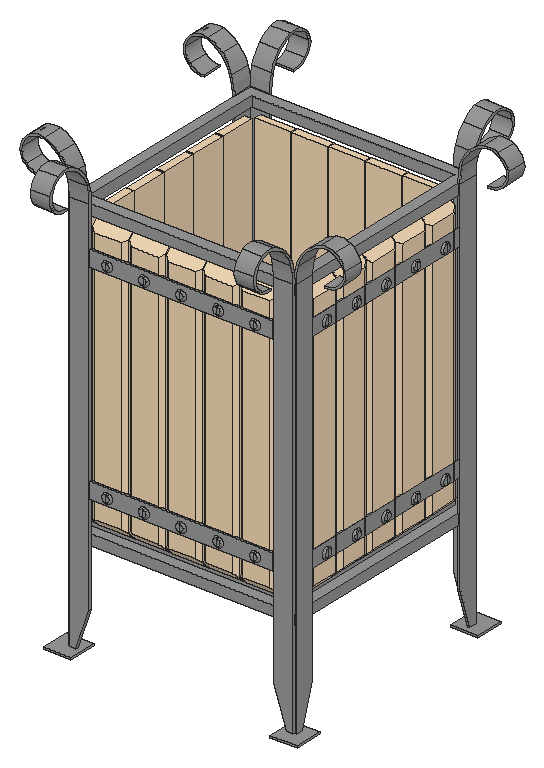
Revit family "Вазон садово-парковый «Сириус»", category Антураж, Revit 2017
Family settings
  На основе рабочей плоскости = Нет
  Всегда вертикально = Да
  При загрузке вырезать с полостями = Нет
  Источник визуального образа = Геометрия семейства
  Общий = Нет
  Точка расчета площади = Нет
Parameters (values of type "Вазон садово-парковый «Сириус»")
  Стоимость = 7776
  Изготовитель = "ООО \"Хоббика\""
  Высота = 0 mm
  АDSK_Материал вазона = Сталь, окрашенная, черная
  URL = "https://hobbyka.ru/product/vazon_sadovo-parkovyi_sirius/?sphrase_id=80628"
  ADSK_Размер_Ширина = 500 mm
  ADSK_Размер_Длина = ADSK_Размер_Ширина  # 500 mm
  ADSK_Размер_Высота = 690 mm
  ADSK_Наименование = "Вазон садово-парковый «Сириус»"
  ADSK_Материал фурнитуры = Сталь, окрашенная, черная(1)
  ADSK_Материал ламелей = Лиственница
  ADSK_Код изделия = "6760"
Reference planes
  plane 1 "По центру (Вперед/Назад)": y = 0
  plane 2: z = 0
  plane 3 "По центру (Влево/Вправо)": x = 0
Forms (mm)
  Extrusion 1, solid, material "Сталь, окрашенная, черная" <- "АDSK_Материал вазона"
    sketch origin (0, 0, 0) x (1, 0, 0) y (0, 0, 1)
      loop
        line (-174.999, 3) -> (-171.999, 3) -> (-171.999, 623)
        arc (-171.999, 623) -> (-172.844, 636.754) -> (-175.364, 650.301) r 112.463
        arc (-175.364, 650.301) -> (-181.412, 663.705) -> (-190.39, 675.353) r 63.326
        arc (-190.39, 675.353) -> (-200.536, 683.518) -> (-212.334, 689.036) r 54.349
        arc (-212.334, 689.036) -> (-223.458, 689.774) -> (-234.085, 686.404) r 30.04
        arc (-234.085, 686.404) -> (-244.281, 677.652) -> (-249.884, 665.439) r 31.395
        arc (-249.884, 665.439) -> (-249.348, 652.428) -> (-242.516, 641.341) r 25.756
        arc (-242.516, 641.341) -> (-231.234, 634.429) -> (-218.102, 632.804) r 31.258
        line (-218.102, 632.804) -> (-218.102, 635.817)
        arc (-218.102, 635.817) -> (-230.115, 637.216) -> (-240.443, 643.51) r 28.258
        arc (-240.443, 643.51) -> (-246.479, 653.305) -> (-246.952, 664.801) r 22.756
        arc (-246.952, 664.801) -> (-241.885, 675.847) -> (-232.664, 683.762) r 28.395
        arc (-232.664, 683.762) -> (-223.145, 686.79) -> (-213.177, 686.155) r 27.04
        arc (-213.177, 686.155) -> (-202.082, 680.947) -> (-192.537, 673.258) r 51.349
        arc (-192.537, 673.258) -> (-184.009, 662.202) -> (-178.251, 649.482) r 60.326
        arc (-178.251, 649.482) -> (-175.815, 636.34) -> (-174.999, 623) r 109.463
        line (-174.999, 623) -> (-174.999, 3)
    from 142 to 172.001
  Extrusion 2, void
    sketch origin (0, 0, 0) x (0, 1, 0) y (0, 0, 1)
      loop
        line (-142, 62.769) -> (-162, 3) -> (-132, 3) -> (-132, 62.769) -> (-142, 62.769)
    from -194.909 to -106.414
  Extrusion 3, solid, material "Сталь, окрашенная, черная" <- "АDSK_Материал вазона"
    sketch origin (0, 0, 0) x (1, 0, 0) y (0, 0, -1)
      loop
        line (-174.999, -3) -> (-174.999, -623)
        arc (-174.999, -623) -> (-175.815, -636.34) -> (-178.251, -649.482) r 109.463
        arc (-178.251, -649.482) -> (-184.009, -662.202) -> (-192.537, -673.258) r 60.326
        arc (-192.537, -673.258) -> (-202.082, -680.947) -> (-213.177, -686.155) r 51.349
        arc (-213.177, -686.155) -> (-223.145, -686.79) -> (-232.664, -683.762) r 27.04
        arc (-232.664, -683.762) -> (-241.885, -675.847) -> (-246.952, -664.801) r 28.395
        arc (-246.952, -664.801) -> (-246.479, -653.305) -> (-240.443, -643.51) r 22.756
        arc (-240.443, -643.51) -> (-230.115, -637.216) -> (-218.102, -635.817) r 28.258
        line (-218.102, -635.817) -> (-218.102, -632.804)
        arc (-218.102, -632.804) -> (-231.234, -634.429) -> (-242.516, -641.341) r 31.258
        arc (-242.516, -641.341) -> (-249.348, -652.428) -> (-249.884, -665.439) r 25.756
        arc (-249.884, -665.439) -> (-244.281, -677.652) -> (-234.085, -686.404) r 31.395
        arc (-234.085, -686.404) -> (-223.458, -689.774) -> (-212.334, -689.036) r 30.04
        arc (-212.334, -689.036) -> (-200.536, -683.518) -> (-190.39, -675.353) r 54.349
        arc (-190.39, -675.353) -> (-181.412, -663.705) -> (-175.364, -650.301) r 63.326
        arc (-175.364, -650.301) -> (-172.844, -636.754) -> (-171.999, -623) r 112.463
        line (-171.999, -623) -> (-171.999, -3) -> (-174.999, -3)
    from 142 to 172.001
  Extrusion 4, void
    sketch origin (0, 0, 0) x (0, -1, 0) y (0, 0, -1)
      loop
        line (-142, -62.769) -> (-132, -62.769) -> (-132, -3) -> (-162, -3) -> (-142, -62.769)
    from -194.909 to -106.414
  Extrusion 5, solid, material "Сталь, окрашенная, черная" <- "АDSK_Материал вазона"
    sketch origin (0, 0, 0) x (-1, 0, 0) y (0, 0, -1)
      loop
        line (-174.999, -3) -> (-174.999, -623)
        arc (-174.999, -623) -> (-175.815, -636.34) -> (-178.251, -649.482) r 109.463
        arc (-178.251, -649.482) -> (-184.009, -662.202) -> (-192.537, -673.258) r 60.326
        arc (-192.537, -673.258) -> (-202.082, -680.947) -> (-213.177, -686.155) r 51.349
        arc (-213.177, -686.155) -> (-223.145, -686.79) -> (-232.664, -683.762) r 27.04
        arc (-232.664, -683.762) -> (-241.885, -675.847) -> (-246.952, -664.801) r 28.395
        arc (-246.952, -664.801) -> (-246.479, -653.305) -> (-240.443, -643.51) r 22.756
        arc (-240.443, -643.51) -> (-230.115, -637.216) -> (-218.102, -635.817) r 28.258
        line (-218.102, -635.817) -> (-218.102, -632.804)
        arc (-218.102, -632.804) -> (-231.234, -634.429) -> (-242.516, -641.341) r 31.258
        arc (-242.516, -641.341) -> (-249.348, -652.428) -> (-249.884, -665.439) r 25.756
        arc (-249.884, -665.439) -> (-244.281, -677.652) -> (-234.085, -686.404) r 31.395
        arc (-234.085, -686.404) -> (-223.458, -689.774) -> (-212.334, -689.036) r 30.04
        arc (-212.334, -689.036) -> (-200.536, -683.518) -> (-190.39, -675.353) r 54.349
        arc (-190.39, -675.353) -> (-181.412, -663.705) -> (-175.364, -650.301) r 63.326
        arc (-175.364, -650.301) -> (-172.844, -636.754) -> (-171.999, -623) r 112.463
        line (-171.999, -623) -> (-171.999, -3) -> (-174.999, -3)
    from 142 to 172.001
  Extrusion 6, void
    sketch origin (0, 0, 0) x (0, 1, 0) y (0, 0, -1)
      loop
        line (-142, -62.769) -> (-132, -62.769) -> (-132, -3) -> (-162, -3) -> (-142, -62.769)
    from -194.909 to -106.414
  Extrusion 7, solid, material "Сталь, окрашенная, черная" <- "АDSK_Материал вазона"
    sketch origin (0, 0, 0) x (-1, 0, 0) y (0, 0, 1)
      loop
        line (-174.999, 3) -> (-171.999, 3) -> (-171.999, 623)
        arc (-171.999, 623) -> (-172.844, 636.754) -> (-175.364, 650.301) r 112.463
        arc (-175.364, 650.301) -> (-181.412, 663.705) -> (-190.39, 675.353) r 63.326
        arc (-190.39, 675.353) -> (-200.536, 683.518) -> (-212.334, 689.036) r 54.349
        arc (-212.334, 689.036) -> (-223.458, 689.774) -> (-234.085, 686.404) r 30.04
        arc (-234.085, 686.404) -> (-244.281, 677.652) -> (-249.884, 665.439) r 31.395
        arc (-249.884, 665.439) -> (-249.348, 652.428) -> (-242.516, 641.341) r 25.756
        arc (-242.516, 641.341) -> (-231.234, 634.429) -> (-218.102, 632.804) r 31.258
        line (-218.102, 632.804) -> (-218.102, 635.817)
        arc (-218.102, 635.817) -> (-230.115, 637.216) -> (-240.443, 643.51) r 28.258
        arc (-240.443, 643.51) -> (-246.479, 653.305) -> (-246.952, 664.801) r 22.756
        arc (-246.952, 664.801) -> (-241.885, 675.847) -> (-232.664, 683.762) r 28.395
        arc (-232.664, 683.762) -> (-223.145, 686.79) -> (-213.177, 686.155) r 27.04
        arc (-213.177, 686.155) -> (-202.082, 680.947) -> (-192.537, 673.258) r 51.349
        arc (-192.537, 673.258) -> (-184.009, 662.202) -> (-178.251, 649.482) r 60.326
        arc (-178.251, 649.482) -> (-175.815, 636.34) -> (-174.999, 623) r 109.463
        line (-174.999, 623) -> (-174.999, 3)
    from 142 to 172.001
  Extrusion 8, void
    sketch origin (0, 0, 0) x (0, -1, 0) y (0, 0, 1)
      loop
        line (-142, 62.769) -> (-162, 3) -> (-132, 3) -> (-132, 62.769) -> (-142, 62.769)
    from -194.909 to -106.414
  Extrusion 9, solid, material "Сталь, окрашенная, черная" <- "АDSK_Материал вазона"
    sketch origin (0.176, -0.001, 0) x (0, 1, 0) y (0, 0, -1)
      loop
        line (-174.999, -3) -> (-174.999, -623)
        arc (-174.999, -623) -> (-175.815, -636.34) -> (-178.251, -649.482) r 109.463
        arc (-178.251, -649.482) -> (-184.009, -662.202) -> (-192.537, -673.258) r 60.326
        arc (-192.537, -673.258) -> (-202.082, -680.947) -> (-213.177, -686.155) r 51.349
        arc (-213.177, -686.155) -> (-223.145, -686.79) -> (-232.664, -683.762) r 27.04
        arc (-232.664, -683.762) -> (-241.885, -675.847) -> (-246.952, -664.801) r 28.395
        arc (-246.952, -664.801) -> (-246.479, -653.305) -> (-240.443, -643.51) r 22.756
        arc (-240.443, -643.51) -> (-230.115, -637.216) -> (-218.102, -635.817) r 28.258
        line (-218.102, -635.817) -> (-218.102, -632.804)
        arc (-218.102, -632.804) -> (-231.234, -634.429) -> (-242.516, -641.341) r 31.258
        arc (-242.516, -641.341) -> (-249.348, -652.428) -> (-249.884, -665.439) r 25.756
        arc (-249.884, -665.439) -> (-244.281, -677.652) -> (-234.085, -686.404) r 31.395
        arc (-234.085, -686.404) -> (-223.458, -689.774) -> (-212.334, -689.036) r 30.04
        arc (-212.334, -689.036) -> (-200.536, -683.518) -> (-190.39, -675.353) r 54.349
        arc (-190.39, -675.353) -> (-181.412, -663.705) -> (-175.364, -650.301) r 63.326
        arc (-175.364, -650.301) -> (-172.844, -636.754) -> (-171.999, -623) r 112.463
        line (-171.999, -623) -> (-171.999, -3) -> (-174.999, -3)
    from 142 to 172.001
  Extrusion 10, void
    sketch origin (0.176, -0.001, 0) x (1, 0, 0) y (0, 0, -1)
      loop
        line (-142, -62.769) -> (-132, -62.769) -> (-132, -3) -> (-162, -3) -> (-142, -62.769)
    from -194.909 to -106.414
  Extrusion 11, solid, material "Сталь, окрашенная, черная" <- "АDSK_Материал вазона"
    sketch origin (-0.176, -0.001, 0) x (0, 1, 0) y (0, 0, 1)
      loop
        line (-174.999, 3) -> (-171.999, 3) -> (-171.999, 623)
        arc (-171.999, 623) -> (-172.844, 636.754) -> (-175.364, 650.301) r 112.463
        arc (-175.364, 650.301) -> (-181.412, 663.705) -> (-190.39, 675.353) r 63.326
        arc (-190.39, 675.353) -> (-200.536, 683.518) -> (-212.334, 689.036) r 54.349
        arc (-212.334, 689.036) -> (-223.458, 689.774) -> (-234.085, 686.404) r 30.04
        arc (-234.085, 686.404) -> (-244.281, 677.652) -> (-249.884, 665.439) r 31.395
        arc (-249.884, 665.439) -> (-249.348, 652.428) -> (-242.516, 641.341) r 25.756
        arc (-242.516, 641.341) -> (-231.234, 634.429) -> (-218.102, 632.804) r 31.258
        line (-218.102, 632.804) -> (-218.102, 635.817)
        arc (-218.102, 635.817) -> (-230.115, 637.216) -> (-240.443, 643.51) r 28.258
        arc (-240.443, 643.51) -> (-246.479, 653.305) -> (-246.952, 664.801) r 22.756
        arc (-246.952, 664.801) -> (-241.885, 675.847) -> (-232.664, 683.762) r 28.395
        arc (-232.664, 683.762) -> (-223.145, 686.79) -> (-213.177, 686.155) r 27.04
        arc (-213.177, 686.155) -> (-202.082, 680.947) -> (-192.537, 673.258) r 51.349
        arc (-192.537, 673.258) -> (-184.009, 662.202) -> (-178.251, 649.482) r 60.326
        arc (-178.251, 649.482) -> (-175.815, 636.34) -> (-174.999, 623) r 109.463
        line (-174.999, 623) -> (-174.999, 3)
    from 142 to 172.001
  Extrusion 12, void
    sketch origin (-0.176, -0.001, 0) x (-1, 0, 0) y (0, 0, 1)
      loop
        line (-142, 62.769) -> (-162, 3) -> (-132, 3) -> (-132, 62.769) -> (-142, 62.769)
    from -194.909 to -106.414
  Extrusion 13, solid, material "Сталь, окрашенная, черная" <- "АDSK_Материал вазона"
    sketch origin (0.176, 0.001, 0) x (0, -1, 0) y (0, 0, 1)
      loop
        line (-174.999, 3) -> (-171.999, 3) -> (-171.999, 623)
        arc (-171.999, 623) -> (-172.844, 636.754) -> (-175.364, 650.301) r 112.463
        arc (-175.364, 650.301) -> (-181.412, 663.705) -> (-190.39, 675.353) r 63.326
        arc (-190.39, 675.353) -> (-200.536, 683.518) -> (-212.334, 689.036) r 54.349
        arc (-212.334, 689.036) -> (-223.458, 689.774) -> (-234.085, 686.404) r 30.04
        arc (-234.085, 686.404) -> (-244.281, 677.652) -> (-249.884, 665.439) r 31.395
        arc (-249.884, 665.439) -> (-249.348, 652.428) -> (-242.516, 641.341) r 25.756
        arc (-242.516, 641.341) -> (-231.234, 634.429) -> (-218.102, 632.804) r 31.258
        line (-218.102, 632.804) -> (-218.102, 635.817)
        arc (-218.102, 635.817) -> (-230.115, 637.216) -> (-240.443, 643.51) r 28.258
        arc (-240.443, 643.51) -> (-246.479, 653.305) -> (-246.952, 664.801) r 22.756
        arc (-246.952, 664.801) -> (-241.885, 675.847) -> (-232.664, 683.762) r 28.395
        arc (-232.664, 683.762) -> (-223.145, 686.79) -> (-213.177, 686.155) r 27.04
        arc (-213.177, 686.155) -> (-202.082, 680.947) -> (-192.537, 673.258) r 51.349
        arc (-192.537, 673.258) -> (-184.009, 662.202) -> (-178.251, 649.482) r 60.326
        arc (-178.251, 649.482) -> (-175.815, 636.34) -> (-174.999, 623) r 109.463
        line (-174.999, 623) -> (-174.999, 3)
    from 142 to 172.001
  Extrusion 14, void
    sketch origin (0.176, 0.001, 0) x (1, 0, 0) y (0, 0, 1)
      loop
        line (-142, 62.769) -> (-162, 3) -> (-132, 3) -> (-132, 62.769) -> (-142, 62.769)
    from -194.909 to -106.414
  Extrusion 15, solid, material "Сталь, окрашенная, черная" <- "АDSK_Материал вазона"
    sketch origin (-0.176, 0.001, 0) x (0, -1, 0) y (0, 0, -1)
      loop
        line (-174.999, -3) -> (-174.999, -623)
        arc (-174.999, -623) -> (-175.815, -636.34) -> (-178.251, -649.482) r 109.463
        arc (-178.251, -649.482) -> (-184.009, -662.202) -> (-192.537, -673.258) r 60.326
        arc (-192.537, -673.258) -> (-202.082, -680.947) -> (-213.177, -686.155) r 51.349
        arc (-213.177, -686.155) -> (-223.145, -686.79) -> (-232.664, -683.762) r 27.04
        arc (-232.664, -683.762) -> (-241.885, -675.847) -> (-246.952, -664.801) r 28.395
        arc (-246.952, -664.801) -> (-246.479, -653.305) -> (-240.443, -643.51) r 22.756
        arc (-240.443, -643.51) -> (-230.115, -637.216) -> (-218.102, -635.817) r 28.258
        line (-218.102, -635.817) -> (-218.102, -632.804)
        arc (-218.102, -632.804) -> (-231.234, -634.429) -> (-242.516, -641.341) r 31.258
        arc (-242.516, -641.341) -> (-249.348, -652.428) -> (-249.884, -665.439) r 25.756
        arc (-249.884, -665.439) -> (-244.281, -677.652) -> (-234.085, -686.404) r 31.395
        arc (-234.085, -686.404) -> (-223.458, -689.774) -> (-212.334, -689.036) r 30.04
        arc (-212.334, -689.036) -> (-200.536, -683.518) -> (-190.39, -675.353) r 54.349
        arc (-190.39, -675.353) -> (-181.412, -663.705) -> (-175.364, -650.301) r 63.326
        arc (-175.364, -650.301) -> (-172.844, -636.754) -> (-171.999, -623) r 112.463
        line (-171.999, -623) -> (-171.999, -3) -> (-174.999, -3)
    from 142 to 172.001
  Extrusion 16, void
    sketch origin (-0.176, 0.001, 0) x (-1, 0, 0) y (0, 0, -1)
      loop
        line (-142, -62.769) -> (-132, -62.769) -> (-132, -3) -> (-162, -3) -> (-142, -62.769)
    from -194.909 to -106.414
  Extrusion 17, solid, material "Сталь, окрашенная, черная" <- "АDSK_Материал вазона"
    sketch origin (0, 0, 0) x (1, 0, 0) y (0, 1, 0)
      loop
        line (-194.999, 195.499) -> (-194.999, 151.499) -> (-152.999, 151.499) -> (-152.999, 195.499) -> (-194.999, 195.499)
      loop
        line (194.999, 195.499) -> (152.999, 195.499) -> (152.999, 151.499) -> (194.999, 151.499) -> (194.999, 195.499)
      loop
        line (-194.999, -195.499) -> (-152.999, -195.499) -> (-152.999, -151.499) -> (-194.999, -151.499) -> (-194.999, -195.499)
      loop
        line (194.999, -195.499) -> (194.999, -151.499) -> (152.999, -151.499) -> (152.999, -195.499) -> (194.999, -195.499)
    from 0 to 3
  Extrusion 18, solid, material "Сталь, окрашенная, черная" <- "АDSK_Материал вазона"
    sketch origin (0, 0, 0) x (1, 0, 0) y (0, 1, 0)
      loop
        line (-156, 156) -> (-156, -156.001) -> (156, -156.001) -> (156, 156) -> (-156, 156)
      loop
        line (171.999, -172.001) -> (171.999, 172) -> (-171.825, 172) -> (-171.825, -172.001) -> (171.999, -172.001)
    from 151.601 to 167.601
  Extrusion 19, solid, material "Сталь, окрашенная, черная" <- "АDSK_Материал вазона"
    sketch origin (0, 0, 455) x (1, 0, 0) y (0, 1, 0)
      loop
        line (-156, 156) -> (-156, -156.001) -> (156, -156.001) -> (156, 156) -> (-156, 156)
      loop
        line (171.999, -172.001) -> (171.999, 172) -> (-171.825, 172) -> (-171.825, -172.001) -> (171.999, -172.001)
    from 151.601 to 167.601
  Extrusion 20, solid, material "Сталь, окрашенная, черная" <- "АDSK_Материал вазона"
    sketch origin (0, 0, 0) x (1, 0, 0) y (0, 1, 0)
      loop
        line (-156, 156) -> (-156, -156.001) -> (156, -156.001) -> (156, 156) -> (-156, 156)
    from 167.601 to 172.601
  Extrusion 21, solid, material "Сталь, окрашенная, черная" <- "АDSK_Материал вазона"
    sketch origin (0, 0, 0) x (1, 0, 0) y (0, 1, 0)
      loop
        line (141, 175.002) -> (-141.824, 175.002) -> (-141.824, 172) -> (141, 172) -> (141, 175.002)
      loop
        line (174.001, -141.999) -> (174.001, 142) -> (171.999, 142) -> (171.999, -141.999) -> (174.001, -141.999)
      loop
        line (141, -175.002) -> (141, -172) -> (-141.824, -172) -> (-141.824, -175.002) -> (141, -175.002)
      loop
        line (-174.001, -141.999) -> (-171.999, -141.999) -> (-171.999, 142) -> (-174.001, 142) -> (-174.001, -141.999)
    from 216.819 to 241.819
  Extrusion 22, solid, material "Сталь, окрашенная, черная" <- "АDSK_Материал вазона"
    sketch origin (0, 0, 319.843) x (1, 0, 0) y (0, 1, 0)
      loop
        line (141, 175.002) -> (-141.824, 175.002) -> (-141.824, 172) -> (141, 172) -> (141, 175.002)
      loop
        line (174.001, -141.999) -> (174.001, 142) -> (171.999, 142) -> (171.999, -141.999) -> (174.001, -141.999)
      loop
        line (141, -175.002) -> (141, -172) -> (-141.824, -172) -> (-141.824, -175.002) -> (141, -175.002)
      loop
        line (-174.001, -141.999) -> (-171.999, -141.999) -> (-171.999, 142) -> (-174.001, 142) -> (-174.001, -141.999)
    from 216.819 to 241.819
Cuts and joins
  Extrusion 2, Extrusion 4, Extrusion 6, Extrusion 10 cuts Extrusion 1
  Extrusion 4, Extrusion 8 cuts Extrusion 3
  Extrusion 6 cuts Extrusion 5
  Extrusion 8 cuts Extrusion 7
  Extrusion 10, Extrusion 12, Extrusion 14 cuts Extrusion 9
  Extrusion 12, Extrusion 16 cuts Extrusion 11
  Extrusion 14 cuts Extrusion 13
  Extrusion 16 cuts Extrusion 15
Lines and regions (mm)
  symbolic lines
    curve 1: line (0, 8.028, 229.319) -> (0, 18.946, 229.319)
Dimensions and locks
  aligned and locked: level to plane 2
Nested families
  nested 1: "Семейство3" at (86, -144.001, 601.553) x (0, 0, -1) z (0, -1, 0), Материал ламели <- "ADSK_Материал ламелей", Материал фурнитуры <- "ADSK_Материал фурнитуры", type "Семейство3"
    with Материал фурнитуры Сталь, окрашенная, черная(1), Материал ламели Лиственница, Длина ламели 428.952 mm, b 54.554 mm
  nested 2: "Семейство3" at (29, -144.001, 601.553) x (0, 0, -1) z (0, -1, 0), Материал ламели <- "ADSK_Материал ламелей", Материал фурнитуры <- "ADSK_Материал фурнитуры", type "Семейство3"
    with Материал фурнитуры Сталь, окрашенная, черная(1), Материал ламели Лиственница, Длина ламели 428.952 mm, b 54.554 mm
  nested 3: "Семейство3" at (-28, -144.001, 601.553) x (0, 0, -1) z (0, -1, 0), Материал ламели <- "ADSK_Материал ламелей", Материал фурнитуры <- "ADSK_Материал фурнитуры", type "Семейство3"
    with Материал фурнитуры Сталь, окрашенная, черная(1), Материал ламели Лиственница, Длина ламели 428.952 mm, b 54.554 mm
  nested 4: "Семейство3" at (-85, -144.001, 601.553) x (0, 0, -1) z (0, -1, 0), Материал ламели <- "ADSK_Материал ламелей", Материал фурнитуры <- "ADSK_Материал фурнитуры", type "Семейство3"
    with Материал фурнитуры Сталь, окрашенная, черная(1), Материал ламели Лиственница, Длина ламели 428.952 mm, b 54.554 mm
  nested 5: "Семейство3" at (-141.824, -144.001, 601.553) x (0, 0, -1) z (0, -1, 0), Материал ламели <- "ADSK_Материал ламелей", Материал фурнитуры <- "ADSK_Материал фурнитуры", type "Семейство3"
    with Материал фурнитуры Сталь, окрашенная, черная(1), Материал ламели Лиственница, Длина ламели 428.952 mm, b 54.554 mm
  nested 6: "Семейство3" at (86, 144.001, 601.553) x (0, 0, -1) z (0, 1, 0), Материал ламели <- "ADSK_Материал ламелей", Материал фурнитуры <- "ADSK_Материал фурнитуры", type "Семейство3"
    with Материал фурнитуры Сталь, окрашенная, черная(1), Материал ламели Лиственница, Длина ламели 428.952 mm, b 54.554 mm
  nested 7: "Семейство3" at (29, 144.001, 601.553) x (0, 0, -1) z (0, 1, 0), Материал ламели <- "ADSK_Материал ламелей", Материал фурнитуры <- "ADSK_Материал фурнитуры", type "Семейство3"
    with Материал фурнитуры Сталь, окрашенная, черная(1), Материал ламели Лиственница, Длина ламели 428.952 mm, b 54.554 mm
  nested 8: "Семейство3" at (-28, 144.001, 601.553) x (0, 0, -1) z (0, 1, 0), Материал ламели <- "ADSK_Материал ламелей", Материал фурнитуры <- "ADSK_Материал фурнитуры", type "Семейство3"
    with Материал фурнитуры Сталь, окрашенная, черная(1), Материал ламели Лиственница, Длина ламели 428.952 mm, b 54.554 mm
  nested 9: "Семейство3" at (-85, 144.001, 601.553) x (0, 0, -1) z (0, 1, 0), Материал ламели <- "ADSK_Материал ламелей", Материал фурнитуры <- "ADSK_Материал фурнитуры", type "Семейство3"
    with Материал фурнитуры Сталь, окрашенная, черная(1), Материал ламели Лиственница, Длина ламели 428.952 mm, b 54.554 mm
  nested 10: "Семейство3" at (-141.824, 144.001, 601.553) x (0, 0, -1) z (0, 1, 0), Материал ламели <- "ADSK_Материал ламелей", Материал фурнитуры <- "ADSK_Материал фурнитуры", type "Семейство3"
    with Материал фурнитуры Сталь, окрашенная, черная(1), Материал ламели Лиственница, Длина ламели 428.952 mm, b 54.554 mm
  nested 11: "Семейство3" at (144, -27.5, 601.553) x (0, 0, -1) z (1, 0, 0), Материал ламели <- "ADSK_Материал ламелей", Материал фурнитуры <- "ADSK_Материал фурнитуры", type "Семейство3"
    with Материал фурнитуры Сталь, окрашенная, черная(1), Материал ламели Лиственница, Длина ламели 428.952 mm, b 54.554 mm
  nested 12: "Семейство3" at (144, -84.5, 601.553) x (0, 0, -1) z (1, 0, 0), Материал ламели <- "ADSK_Материал ламелей", Материал фурнитуры <- "ADSK_Материал фурнитуры", type "Семейство3"
    with Материал фурнитуры Сталь, окрашенная, черная(1), Материал ламели Лиственница, Длина ламели 428.952 mm, b 54.554 mm
  nested 13: "Семейство3" at (144, -141.5, 601.553) x (0, 0, -1) z (1, 0, 0), Материал ламели <- "ADSK_Материал ламелей", Материал фурнитуры <- "ADSK_Материал фурнитуры", type "Семейство3"
    with Материал фурнитуры Сталь, окрашенная, черная(1), Материал ламели Лиственница, Длина ламели 428.952 mm, b 54.554 mm
  nested 14: "Семейство3" at (144, 84.5, 601.553) x (0, 0, -1) z (1, 0, 0), Материал ламели <- "ADSK_Материал ламелей", Материал фурнитуры <- "ADSK_Материал фурнитуры", type "Семейство3"
    with Материал фурнитуры Сталь, окрашенная, черная(1), Материал ламели Лиственница, Длина ламели 428.952 mm, b 54.554 mm
  nested 15: "Семейство3" at (144, 141.5, 601.553) x (0, 0, -1) z (1, 0, 0), Материал ламели <- "ADSK_Материал ламелей", Материал фурнитуры <- "ADSK_Материал фурнитуры", type "Семейство3"
    with Материал фурнитуры Сталь, окрашенная, черная(1), Материал ламели Лиственница, Длина ламели 428.952 mm, b 54.554 mm
  nested 16: "Семейство3" at (-144, -27.5, 601.553) x (0, 0, -1) z (-1, 0, 0), Материал ламели <- "ADSK_Материал ламелей", Материал фурнитуры <- "ADSK_Материал фурнитуры", type "Семейство3"
    with Материал фурнитуры Сталь, окрашенная, черная(1), Материал ламели Лиственница, Длина ламели 428.952 mm, b 54.554 mm
  nested 17: "Семейство3" at (-144, -84.5, 601.553) x (0, 0, -1) z (-1, 0, 0), Материал ламели <- "ADSK_Материал ламелей", Материал фурнитуры <- "ADSK_Материал фурнитуры", type "Семейство3"
    with Материал фурнитуры Сталь, окрашенная, черная(1), Материал ламели Лиственница, Длина ламели 428.952 mm, b 54.554 mm
  nested 18: "Семейство3" at (-144, -141.5, 601.553) x (0, 0, -1) z (-1, 0, 0), Материал ламели <- "ADSK_Материал ламелей", Материал фурнитуры <- "ADSK_Материал фурнитуры", type "Семейство3"
    with Материал фурнитуры Сталь, окрашенная, черная(1), Материал ламели Лиственница, Длина ламели 428.952 mm, b 54.554 mm
  nested 19: "Семейство3" at (-144, 84.5, 601.553) x (0, 0, -1) z (-1, 0, 0), Материал ламели <- "ADSK_Материал ламелей", Материал фурнитуры <- "ADSK_Материал фурнитуры", type "Семейство3"
    with Материал фурнитуры Сталь, окрашенная, черная(1), Материал ламели Лиственница, Длина ламели 428.952 mm, b 54.554 mm
  nested 20: "Семейство3" at (-144, 141.5, 601.553) x (0, 0, -1) z (-1, 0, 0), Материал ламели <- "ADSK_Материал ламелей", Материал фурнитуры <- "ADSK_Материал фурнитуры", type "Семейство3"
    with Материал фурнитуры Сталь, окрашенная, черная(1), Материал ламели Лиственница, Длина ламели 428.952 mm, b 54.554 mm
Definition of nested family "Семейство3"
  Parameters (values of type "Семейство3")
    Default Elevation = 1219.2 mm
    Материал фурнитуры [instance] = none
    Материал ламели [instance] = none
    Длина ламели [instance] = 424.398 mm
    b [instance] = 50 mm
  Reference planes
    plane 1 "По центру (Вперед/Назад)": y = 0
    plane 2: z = 0
    plane 3 "По центру (Влево/Вправо)": x = 0
    plane 4: x = 424.398
    plane 5: x = 50
    plane 6: x = 374.398
    plane 7: y = 27.5
  Forms (mm)
    Extrusion 1, solid
      sketch origin (0, 0, 0) x (1, 0, 0) y (0, 1, 0)
        loop
          line (-1219.2, 1219.2) -> (-1219.2, -1219.2) -> (1219.2, -1219.2) -> (1219.2, 1219.2) -> (-1219.2, 1219.2)
      from 0 to -304.8
    Extrusion 2, solid, material <- "Материал ламели"
      sketch origin (0, 0, 0) x (0, 1, 0) y (0, 0, 1)
        loop
          line (48.207, 28) -> (6.793, 28) -> (0, 23.25) -> (0, 0) -> (55, 0) -> (55, 23.25) -> (48.207, 28)
      from 0 to 424.398
    Extrusion 3, void
      sketch origin (0, 0, 0) x (1, 0, 0) y (0, 0, 1)
        loop
          line (0, 11.625) -> (16.375, 28) -> (0, 28) -> (0, 11.625)
      from -83.197 to 37.16
    Extrusion 4, void
      sketch origin (446.463, 0, 0) x (-1, 0, 0) y (0, 0, -1)
        loop
          line (22.065, -11.625) -> (22.065, -28) -> (38.44, -28) -> (22.065, -11.625)
      from -83.197 to 37.16
    Revolve 5, solid, material <- "Материал фурнитуры"
      sketch origin (0, 27.5, 2.511) x (1, 0, 0) y (0, 0, 1)
        loop
          line (50, 30.894) -> (50, 28) -> (58.028, 28) -> (55.6, 30.894) -> (50, 30.894)
        axis (50, 30.894) -> (50, 28)
      angle from 0 to 360
    Revolve 6, solid, material <- "Материал фурнитуры"
      sketch origin (346.463, 27.5, 2.511) x (1, 0, 0) y (0, 0, 1)
        loop
          line (27.935, 30.894) -> (27.935, 28) -> (35.963, 28) -> (33.535, 30.894) -> (27.935, 30.894)
        axis (27.935, 30.894) -> (27.935, 28)
      angle from 0 to 360
  Cuts and joins
    Extrusion 3, Extrusion 4 cuts Extrusion 2
  Dimensions and locks
    "Длина ламели": plane 4 to plane 3 "По центру (Влево/Вправо)"
    "b": plane 3 "По центру (Влево/Вправо)" to plane 5
    "b": plane 6 to plane 4
    equal spacing: plane 1 "По центру (Вперед/Назад)", plane 7, cut or joined group of Extrusion 2, Extrusion 3, Extrusion 4
    aligned and locked: plane 2 to Extrusion 1
    aligned and locked: level to Extrusion 1
    aligned and locked: plane 4 to Extrusion 2
    aligned and locked: Extrusion 2 to plane 3 "По центру (Влево/Вправо)"
    aligned and locked: Extrusion 3 sketch curve to plane 3 "По центру (Влево/Вправо)"
    aligned and locked: Extrusion 2 to Extrusion 3 sketch curve
    aligned and locked: plane 4 to cut or joined group of Extrusion 2, Extrusion 3, Extrusion 4
    aligned and locked: plane 7 to Revolve 5
    aligned and locked: plane 7 to Revolve 6
  Automatic sketch dimensions
    Extrusion 1 sketch curve to Extrusion 1 sketch curve = 2438.4 mm  (x2)
    Extrusion 2 sketch curve to level = 0 mm
    Extrusion 2 sketch curve to plane 1 "По центру (Вперед/Назад)" = 0 mm
    Extrusion 2 sketch curve to plane 1 "По центру (Вперед/Назад)" = 6.793 mm
    plane 7 to Extrusion 2 sketch curve = 20.707 mm
    plane 7 to Extrusion 2 sketch curve = 27.5 mm
    level to Extrusion 2 sketch curve = 23.25 mm
    Extrusion 2 sketch curve to Extrusion 2 sketch curve = 23.25 mm
    Extrusion 2 sketch curve to Extrusion 2 sketch curve = 4.75 mm
    plane 3 "По центру (Влево/Вправо)" to Extrusion 3 sketch curve = 16.375 mm
    level to Extrusion 3 sketch curve = 11.625 mm
    Extrusion 4 sketch curve to plane 4 = 0 mm
    plane 4 to Extrusion 4 sketch curve = 16.375 mm
    Extrusion 4 sketch curve to level = 11.625 mm
    Extrusion 4 sketch curve to Extrusion 4 sketch curve = 16.375 mm
    Revolve 5 sketch curve to plane 5 = 0 mm  (x2)
    plane 5 to Revolve 5 sketch curve = 5.6 mm
    Revolve 5 sketch curve to Revolve 5 sketch curve = 2.428 mm
    level to Revolve 5 sketch curve = 30.511 mm
    Revolve 5 sketch curve to Revolve 5 sketch curve = 2.894 mm
    Revolve 5 sketch curve to level = 69.489 mm
    Revolve 5 sketch curve to Revolve 5 sketch curve = 32.106 mm
    Revolve 6 sketch curve to plane 6 = 0 mm  (x2)
    Revolve 6 sketch curve to Revolve 6 sketch curve = 5.6 mm
    Revolve 6 sketch curve to Revolve 6 sketch curve = 2.428 mm
    level to Revolve 6 sketch curve = 30.511 mm
    Revolve 6 sketch curve to Revolve 6 sketch curve = 2.894 mm
    Revolve 6 sketch curve to level = 69.489 mm
    Revolve 6 sketch curve to Revolve 6 sketch curve = 32.106 mm
